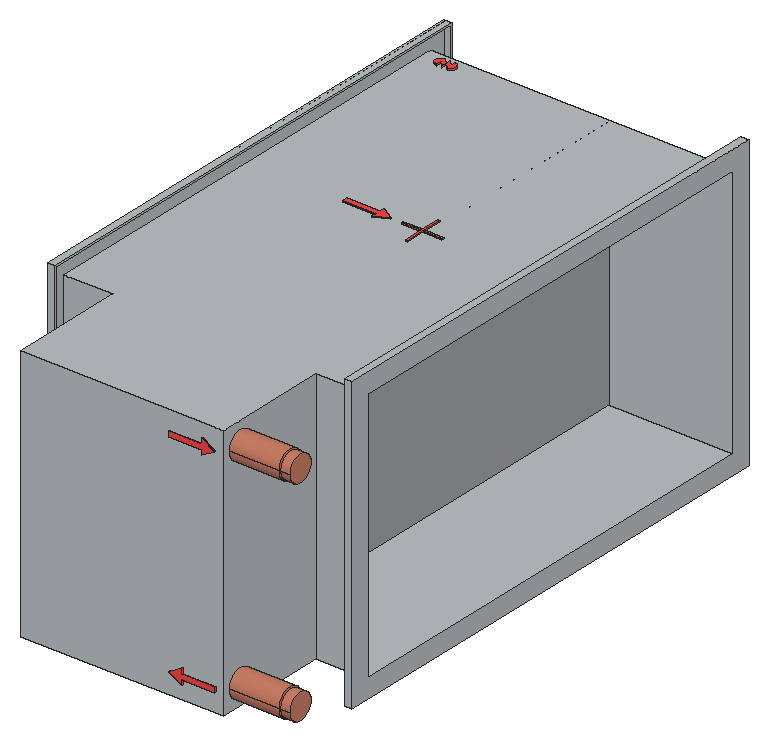
Revit family "NLRS_57_DUA_UN_rectangular-heater-ahxkkx15-22_LT_sacs", category Duct Accessories, Revit 2023
Family settings
  Round Connector Dimension = Use Diameter
  Part Type = Breaks Into
  OmniClass Number = 23.75.10.11.17
  OmniClass Title = Warm Air Heat Generators
  Work Plane-Based = No
  Always vertical = Yes
  Cut with Voids When Loaded = No
  Shared = No
Parameters (values of type "AHxKKx15-22")
  Water connection Right [instance] = yes
  Type IFC Predefined Type = "Heater"
  SACS_Warning_Text_Size [instance] = if(SACS_Warning_Size, "Invalid duct size. Nearest (larger) size selected", " ")  # " "
  SACS_Warning_Text_Other [instance] = if(SACS_Warning_Other, "Selected configuration not allowed", if([Heater circuits (1-26)] < 8, "Use family AHxKKx1-7", if([Heater circuits (1-26)] < 15, "Use family AHxKKx8-14", if([Heater circuits (1-26)] > 22, "Use family AHxKKx23-26", " "))))  # " "
  SACS_Warning_Size [instance] = or(not(NLRS_M_c01_breedte = SACS_Duct_Width), not(NLRS_M_c01_hoogte = SACS_Duct_Height))  # no
  SACS_Warning_Sign [instance] = and(not(SACS_Disable_Warning), or(SACS_Warning_Size, SACS_Warning_Other))  # no
  SACS_Warning_Other [instance] = or([Heater rows (2-10)] < 2, [Heater rows (2-10)] > 10, [Heater circuits (1-26)] < 1, [Heater circuits (1-26)] > 26)  # no
  SACS_Use_Manual_Airflow [instance] = no
  SACS_Plenum_L [instance] = if([Heater rows (2-10)] < 7, 300.00 mm, 400.00 mm)  # 300.00 mm
  SACS_Model [instance] = size_lookup(SACS_Data_Hidden, "Model", "NB", SACS_Duct_Width, SACS_Duct_Height, SACS_Index1, SACS_Index2, SACS_Index3)  # "AH2KKR-25-15 450x250"
  SACS_Manual_Airflow [instance] = 0.0 m³/h
  SACS_Index3 [instance] = if(Water connection Right, 0.00 mm, 1.00 mm)  # 0.00 mm
  SACS_Index2 [instance] = if([Heater circuits (1-26)] < 1, 1, if([Heater circuits (1-26)] > 26, 26, [Heater circuits (1-26)])) * 1.00 mm  # 15.00 mm
  SACS_Index1 [instance] = if([Heater rows (2-10)] < 2, 2, if([Heater rows (2-10)] > 10, 10, [Heater rows (2-10)])) * 1.00 mm  # 2.00 mm
  SACS_Disable_Warning [instance] = no
  SACS_Data_Hidden [instance] = if(Water connection Right, "AH-KKR-25_15-22", "AH-KKL-25_15-22")  # "AH-KKR-25_15-22"
  URL = "https://solid-air.nl/producten/solid-air-naverwarmer-ah-k/"
  Type Comments = "Check flow directions!"  # constant formula
  SACS_Y_Offset3 [instance] = if(Water connection Right, -1.00 mm, SACS_Length_Y - 1.00 mm)  # -1.00 mm
  SACS_Y_Offset2 [instance] = if(Water connection Right, SACS_Duct_Width + SACS_Length_Y - 20.00 mm, 20.00 mm)  # 545.00 mm
  SACS_Y_Offset [instance] = if(Water connection Right, 0.00 mm, SACS_Length_Y)  # 0.00 mm
  SACS_Type_Mark [instance] = ""
  SACS_Right_Box [instance] = if(Water connection Right, SACS_Duct_Width + SACS_Length_Y, SACS_Y_Offset - 1.00 mm)  # 565.00 mm
  SACS_Offset_RL [instance] = if(Water connection Right, 20.00 mm, SACS_Duct_Width + SACS_Length_Y - 19.00 mm)  # 20.00 mm
  SACS_Length_Y [instance] = 90.00 mm + NLRS_P_c01_diameter  # 115.00 mm
  SACS_Left_Box [instance] = if(Water connection Right, SACS_Duct_Width + 1.00 mm, 0.00 mm)  # 451.00 mm
  SACS_Index_Side [instance] = if(Water connection Right, 0, 1)  # 0
  SACS_Flange_Height [instance] = if(or(SACS_Duct_Height > 650.00 mm, SACS_Duct_Width > 650.00 mm), 29.00 mm, 19.00 mm)  # 19.00 mm
  SACS_Duct_Width [instance] = if(roundup(NLRS_M_c01_breedte / 50.00 mm) * 50 < 200, 200.00 mm, if(roundup(NLRS_M_c01_breedte / 50.00 mm * 50) > 2000, 2000.00 mm, roundup(NLRS_M_c01_breedte / 50.00 mm) * 50.00 mm))  # 450.00 mm
  SACS_Duct_Height [instance] = if(roundup(NLRS_M_c01_hoogte / 50.00 mm) * 50 < 200, 200.00 mm, if(roundup(NLRS_M_c01_hoogte / 50.00 mm * 50) > 1600, 1600.00 mm, roundup(NLRS_M_c01_hoogte / 50.00 mm) * 50.00 mm))  # 250.00 mm
  SACS_Diameter2 [instance] = NLRS_P_c01_diameter + 2.00 mm  # 27.00 mm
  SACS_Battery_Length [instance] = SACS_Index1 * 28  # 56.00 mm
  SACS_Air_Flow [instance] = 0.0 m³/h
  SA-Select [instance] = "https://saselect.solid-air.nl/duct-heater"
  NLRS_P_c01_drukverlies_statisch [instance] = 0.0 Pa
  NLRS_P_c01_diameter [instance] = if([Heater circuits (1-26)] < 8, 15.00 mm, if([Heater circuits (1-26)] < 15, 20.00 mm, if([Heater circuits (1-26)] < 23, 25.00 mm, 32.00 mm)))  # 25.00 mm
  NLRS_M_c01_hoogte [instance] = 250.00 mm
  NLRS_M_c01_drukverlies_statisch [instance] = 0.0 Pa
  NLRS_M_c01_breedte [instance] = 450.00 mm
  NLRS_C_model [instance] = SACS_Model  # "AH2KKR-25-15 450x250"
  NLRS_C_description = Description  # "Heater battery AH_KK - Rectangular connector - Solid Air"
  NLRS_C_content_versie = "4.23.02"  # constant formula
  NLRS_C_content_provider = "Solid Air Climate Solutions"  # constant formula
  NLRS_C_content_datum_uitgifte = "01-04-2026"  # constant formula
  NLRS_C_content_creator = "J. Feeke"  # constant formula
  NLRS_C_artikel_code [instance] = size_lookup(SACS_Data_Hidden, "Artikelcode", "NB", SACS_Duct_Width, SACS_Duct_Height, SACS_Index1, SACS_Index2, SACS_Index3)  # "NB"
  NLRS_P_c01_volumestroom [instance] = 0.0 L/s
  NLRS_M_c01_debiet [instance] = abs(if(SACS_Use_Manual_Airflow, SACS_Manual_Airflow, SACS_Air_Flow))  # 0.0 m³/h
  Model = "AH_KK"  # constant formula
  Manufacturer = "Solid Air Climate Solutions"  # constant formula
  LoadBearing [instance] = 1 = 0  # no
  Keynote = ""
  IsExternal [instance] = 1 = 0  # no
  IfcExportType = "Heater"  # constant formula
  IfcExportAs = "IfcHeatExchanger"  # constant formula
  IfcDescription = Description  # "Heater battery AH_KK - Rectangular connector - Solid Air"
  Heater rows (2-10) [instance] = 2
  Heater circuits (1-26) [instance] = 15
  FireRating [instance] = "00"  # constant formula
  Export Type to IFC As = "IfcHeatExchanger"
  Description = "Heater battery AH_KK - Rectangular connector - Solid Air"  # constant formula
  Default Elevation = 0.00 mm
  Cost = 0
  Assembly Code = "57.00"
Reference planes
  plane 1 "Center (Front/Back)": y = 0
  plane 2: z = 0
  plane 3 "Center (Left/Right)": x = 0
  plane 4 "top": z = 125
  plane 5 "bottom": z = -125
  plane 6 "left": x = -150
  plane 7 "right": x = 150
  plane 8 "back": y = 225
  plane 9 "Front": y = -225
  plane 10 "box": y = -340
  plane 11: y = -226
  plane 12: y = 225
Forms (mm)
  Sweep 1, solid, material "NLRS_57_sendzimir verzinkt_gen_sacs", detail levels medium+fine
    path in 3D
      loop
        line (0, -225, -125) -> (0, 225, -125) -> (0, 225, 125) -> (0, -225, 125) -> (0, -225, -125)
    profile "casing : casing" origin (0, -225, 0) x (0, 1, 0) y (1, 0, 0)
      loop
        line (0, -150) -> (0, 150) -> (-19, 150) -> (-19, 142.5) -> (-18, 142.5) -> (-18, 149) -> (-1, 149) -> (-1, -149) -> (-18, -149) -> (-18, -142.5) -> (-19, -142.5) -> (-19, -150) -> (0, -150)
  Extrusion 2, solid, material "NLRS_57_sendzimir verzinkt_gen_sacs", detail levels medium+fine
    sketch origin (0, 0, 0) x (1, 0, 0) y (0, 1, 0)
      loop
        line (-100, -226) -> (-100, -340) -> (100, -340) -> (100, -226) -> (-100, -226)
    from -126 to 126
  Extrusion 3, solid, material "Koper", detail levels medium+fine
    sketch origin (150, 0, 0) x (0, 1, 0) y (0, 0, 1)
      loop
        circle (-320, 105) r 13.5
      loop
        circle (-320, -105) r 13.5
    from -50 to 0
  Extrusion 4, solid, material "Koper", detail levels medium+fine
    sketch origin (150, 0, 0) x (0, 1, 0) y (0, 0, 1)
      loop
        circle (-320, 105) r 12.5
      loop
        circle (-320, -105) r 12.5
    from 0 to 10
  Extrusion 5, solid, material "NLRS_57_anodised aluminium_gen_sacs", detail levels medium+fine
    sketch origin (0, 0, 0) x (1, 0, 0) y (0, 1, 0)
      loop
        line (-28, 225) -> (-28, -225) -> (28, -225) -> (28, 225) -> (-28, 225)
    from -125 to 125
  Extrusion 6, solid, material "SACS_Label", detail levels medium+fine
    sketch origin (0, 0, 125) x (-1, 0, 0) y (0, -1, 0)
      loop
        line (-23.44, -20) -> (-23.44, -1) -> (-4.439, -1) -> (-4.439, 1) -> (-23.527, 1) -> (-23.527, 20) -> (-25.44, 20) -> (-25.44, 1) -> (-44.439, 1) -> (-44.439, -1) -> (-25.44, -1) -> (-25.44, -20) -> (-23.44, -20)
    from 1 to 2
Cuts and joins
  joined: Sweep 1, Extrusion 2
Lines and regions (mm)
  model lines, not visible
    curve 1: line (0, 225, 125) -> (0, -225, 125)
    curve 2: line (0, 225, -125) -> (0, 225, 125)
    curve 3: line (0, -225, -125) -> (0, 225, -125)
    curve 4: line (0, -225, 125) -> (0, -225, -125)
  sketch lines
    curve 5: line (0, -225, 125) -> (0, -225, -125)
    curve 6: line (0, 225, 125) -> (0, -225, 125)
    curve 7: line (0, 225, -125) -> (0, 225, 125)
    curve 8: line (0, -225, -125) -> (0, 225, -125)
Dimensions and locks
  equal spacing: plane 4 "top", level, plane 5 "bottom"
  "SACS_Duct_Height": plane 4 "top" to plane 5 "bottom"
  equal spacing: plane 6 "left", plane 3 "Center (Left/Right)", plane 7 "right"
  equal spacing: plane 8 "back", plane 1 "Center (Front/Back)", plane 9 "Front"
  "SACS_Duct_Width": plane 8 "back" to plane 9 "Front"
  "SACS_Plenum_L": plane 6 "left" to plane 7 "right"
  "SACS_Y_Offset": plane 12 to plane 8 "back"
  "SACS_Left_Box": plane 12 to plane 11
  "SACS_Right_Box": plane 12 to plane 10 "box"
  locked: Extrusion 2 sketch curve to plane 7 "right" at 50
  locked: plane 6 "left" to Extrusion 2 sketch curve at 50
  locked: Extrusion 2 to plane 4 "top" at 1
  locked: plane 5 "bottom" to Extrusion 2 at 1
  "SACS_Y_Offset2": Extrusion 3 sketch curve to plane 12
  locked: plane 4 "top" to Extrusion 3 sketch curve at 20
  locked: Extrusion 3 sketch curve to plane 5 "bottom" at 20
  "SACS_Y_Offset2": plane 12 to Extrusion 3 sketch curve
  locked: Extrusion 3 to plane 7 "right" at 50
  locked: Extrusion 4 sketch curve to plane 5 "bottom" at 20
  locked: plane 4 "top" to Extrusion 4 sketch curve at 20
  "SACS_Y_Offset2": plane 12 to Extrusion 4 sketch curve  (x2)
  locked: plane 7 "right" to Extrusion 4 at 10
  equal spacing: Extrusion 5 sketch curve, plane 3 "Center (Left/Right)", Extrusion 5 sketch curve
  "SACS_Battery_Length": Extrusion 5 sketch curve to Extrusion 5 sketch curve
  locked: plane 7 "right" to nested 1 at 80
  plane 7 "right" to nested 2 = 80.00 mm
  locked: nested 3 to plane 3 "Center (Left/Right)" at 30
  Extrusion 6 sketch curve to plane 1 "Center (Front/Back)" to Extrusion 6 sketch curve = 1.00 mm locked, 1.00 mm locked
  Extrusion 6 sketch curve to plane 1 "Center (Front/Back)" to Extrusion 6 sketch curve = 20.00 mm locked, 20.00 mm locked
  locked: plane 6 "left" to nested 4 at 25
  locked: plane 8 "back" to nested 4 at 10
  locked: nested 1 to plane 5 "bottom" at 20
  locked: plane 4 "top" to nested 2 at 20
  "SACS_Diameter2": diameter of Extrusion 3 sketch curve  (x2)
  "NLRS_P_c01_diameter": diameter of Extrusion 4 sketch curve  (x2)
  aligned and locked: level to plane 2
  aligned and locked: curve 1 to plane 4 "top"
  aligned and locked: plane 9 "Front" to curve 4
  aligned and locked: plane 5 "bottom" to curve 3
  aligned and locked: curve 2 to plane 8 "back"
  aligned and locked: Extrusion 2 sketch curve to plane 11
  aligned and locked: plane 10 "box" to Extrusion 2 sketch curve
  aligned and locked: Extrusion 3 to plane 7 "right"
  aligned and locked: plane 8 "back" to Extrusion 5
  aligned and locked: Extrusion 5 to plane 9 "Front"
  aligned and locked: Extrusion 5 to plane 5 "bottom"
  aligned and locked: plane 4 "top" to Extrusion 5
  aligned and locked: plane 1 "Center (Front/Back)" to nested 3
  aligned and locked: plane 3 "Center (Left/Right)" to nested 5
Automatic sketch dimensions
  plane 3 "Center (Left/Right)" to Extrusion 6 sketch curve = 44.439 mm
  Extrusion 6 sketch curve to Extrusion 6 sketch curve = 18.999 mm
  Extrusion 6 sketch curve to Extrusion 6 sketch curve = 0.00 mm
  Extrusion 6 sketch curve to Extrusion 6 sketch curve = 1.913 mm
  Extrusion 6 sketch curve to plane 1 "Center (Front/Back)" = 1.00 mm
  Extrusion 6 sketch curve to Extrusion 6 sketch curve = 2.00 mm
  plane 3 "Center (Left/Right)" to Extrusion 6 sketch curve = 4.439 mm
  plane 1 "Center (Front/Back)" to Extrusion 6 sketch curve = 1.00 mm
  Extrusion 5 sketch curve to plane 9 "Front" = 0.00 mm
  Extrusion 5 sketch curve to plane 8 "back" = 0.00 mm
Nested families
  nested 1: "arrow" at (70, -341, -105) x (-1, 0, 0) z (0, 1, 0), built-in parameter 1001364 <- "SACS_Y_Offset3", type "arrow", detail levels medium+fine
  nested 2: "arrow" at (70, -341, 105) x (1, 0, 0) z (0, 1, 0), built-in parameter 1001364 <- "SACS_Y_Offset3", type "arrow", detail levels medium+fine
  nested 3: "arrow" at (-30, 0, 126), type "arrow", detail levels medium+fine
  nested 4: "logo_single" at (-125, 215, 125), type "logo_single", detail levels medium+fine
  nested 5: "NV-Symbol" at (0, 0, 125), type "FD-Symbol_Top", detail levels coarse
  nested 6: "Warning" at (0, 0, 125), visible <- "SACS_Warning_Size", type "Warning", detail levels medium+fine
  nested 7: "NV-Symbol" at (0, 0, 0) x (1, 0, 0) z (0, 1, 0), type "FD-Symbol_Side", detail levels coarse
Connectors
  hvac at (-150, 0, 0), driven by "NLRS_M_c01_hoogte", driven by "NLRS_M_c01_breedte", driven by "NLRS_M_c01_debiet", driven by "NLRS_M_c01_drukverlies_statisch"
    settings: on cut or joined group of Sweep 1, Extrusion 2, index 1, duct flow 0.0 m³/h, flow factor 0, pres drop 0.0 Pa, loss coef 0, conn angle 0.00°, conn width 450 mm, conn height 250 mm, conn diameter 609.6 mm, duct sys type 29, conn prof type 1, flow config 1, flow direction 1, loss method 4, conn ref index -1, conn util no, is conn primary yes, conn desc ""
  hvac at (150, 0, 0), driven by "NLRS_M_c01_hoogte", driven by "NLRS_M_c01_breedte", driven by "SACS_Air_Flow"
    settings: on cut or joined group of Sweep 1, Extrusion 2, index 2, duct flow 0.0 m³/h, flow factor 0, pres drop 0.0 Pa, loss coef 0, conn angle 0.00°, conn width 450 mm, conn height 250 mm, conn diameter 609.6 mm, duct sys type 29, conn prof type 1, flow config 0, flow direction 2, loss method 0, conn ref index -1, conn util no, is conn primary no, conn desc ""
  piping at (150, -320, -105), diameter 25, driven by "NLRS_P_c01_diameter", driven by "NLRS_P_c01_volumestroom", driven by "NLRS_P_c01_drukverlies_statisch"
    settings: on Extrusion 4, index 3, connector inside diameter 24", connector length 0.00 mm, flow factor 0, pipe flow 0.0 L/s, pressure drop 0.0 Pa, fitting loss kfactor 0, connector angle 0.00°, fixture units 0, engagement length 0.00 mm, angle of deflection 0.00°, flow configuration 1, flow direction 1, fitting loss method 4, system type 7, joint type 0, gender type 0, connector reference index -1, connector utility 0, adjustable connector no, is connector primary yes, connector description ""
  piping at (150, -320, 105), diameter 25, driven by "NLRS_P_c01_diameter", driven by "NLRS_P_c01_volumestroom", driven by "NLRS_P_c01_drukverlies_statisch"
    settings: on Extrusion 4, index 4, connector inside diameter 24", connector length 0.00 mm, flow factor 0, pipe flow 0.0 L/s, pressure drop 0.0 Pa, fitting loss kfactor 0, connector angle 0.00°, fixture units 0, engagement length 0.00 mm, angle of deflection 0.00°, flow configuration 1, flow direction 2, fitting loss method 4, system type 8, joint type 0, gender type 0, connector reference index -1, connector utility 0, adjustable connector no, is connector primary no, connector description ""
Definition of nested family "arrow"
  Parameters (values of type "arrow")
    Default Elevation = 1219.20 mm
  Reference planes
    plane 1 "Center (Front/Back)": y = 0
    plane 2: z = 0
    plane 3 "Center (Left/Right)": x = 0
  Forms (mm)
    Extrusion 1, solid
      sketch origin (0, 48.354, 0) x (-1, 0, 0) y (0, -1, 0)
        loop
          line (22.513, 50.854) -> (-10.002, 50.854) -> (-10.002, 55.854) -> (-22.513, 48.354) -> (-10.002, 40.854) -> (-10.002, 45.854) -> (22.513, 45.854) -> (22.513, 50.854)
      from 0 to 1
  Dimensions and locks
    aligned and locked: level to plane 2
Definition of nested family "logo_single"
  Parameters (values of type "logo_single")
    t = 5.00 mm
    Model = "LOD 400"
    Description = "Model type"
    Default Elevation = 1219.20 mm
  Reference planes
    plane 1 "Center (Front/Back)": y = 0
    plane 2: z = 0
    plane 3 "Center (Left/Right)": x = 0
    plane 4: z = 2
    plane 5: x = -10
    plane 6: y = -5
    plane 7: y = 5
    plane 8: x = -5
    plane 9: x = 5
    plane 10: x = 10
  Forms (mm)
    Extrusion 1, solid
      sketch origin (-547.644, -297.937, 0) x (1, 0, 0) y (0, 1, 0)
        loop
          arc (542.644, 302.937) -> (537.644, 297.937) -> (542.644, 292.937) r 5
          line (542.644, 292.937) -> (542.644, 297.937) -> (547.644, 292.937) -> (547.644, 297.937) -> (542.644, 302.937)
      from 0 to 2
    Extrusion 2, solid
      sketch origin (0, 0, 0) x (1, 0, 0) y (0, 1, 0)
        loop
          arc (5, -5) -> (10, 0) -> (5, 5) r 5
          line (5, 5) -> (5, 0) -> (0, 5) -> (0, 0) -> (5, -5)
      from 0 to 2
  Dimensions and locks
    "t": plane 7 to plane 1 "Center (Front/Back)"
    "t": plane 6 to plane 1 "Center (Front/Back)"
    "t": plane 5 to plane 8
    "t": plane 8 to plane 3 "Center (Left/Right)"
    "t": plane 3 "Center (Left/Right)" to plane 9
    "t": plane 9 to plane 10
    aligned and locked: level to plane 2
    aligned and locked: plane 4 to Extrusion 1
  Automatic sketch dimensions
    plane 1 "Center (Front/Back)" to Extrusion 1 sketch curve = 0.00 mm  (x3)
    Extrusion 1 sketch curve to plane 8 = 0.00 mm
    Extrusion 1 sketch curve to plane 7 = 0.00 mm
    Extrusion 1 sketch curve to plane 3 "Center (Left/Right)" = 0.00 mm
    Extrusion 1 sketch curve to plane 6 = 0.00 mm
    Extrusion 2 sketch curve to plane 3 "Center (Left/Right)" = 0.00 mm
    plane 1 "Center (Front/Back)" to Extrusion 2 sketch curve = 0.00 mm  (x3)
    Extrusion 2 sketch curve to plane 6 = 0.00 mm
    Extrusion 2 sketch curve to plane 9 = 0.00 mm
    Extrusion 2 sketch curve to plane 7 = 0.00 mm
Definition of nested family "NV-Symbol"
  Parameters (values of type "FD-Symbol_Side")
    Width = 250.00 mm
    Length = 300.00 mm
    Half_Width = Width / 2  # 125.00 mm
  Types (2, lengths in mm): name | Width | Half_Width
    FD-Symbol_Side | 250.00 | 125.00
    FD-Symbol_Top | 450.00 | 225.00
  Reference planes
    plane 1 "Center (Front/Back)": y = 0
    plane 2: z = 0
    plane 3 "Center (Left/Right)": x = 0
    plane 4: x = -150
    plane 5: x = 150
    plane 6: y = -125
    plane 7: y = 125
    plane 8: x = 100
    plane 9: x = -125
    plane 10: y = 100
    plane 11: x = -417.698
    plane 12: y = 67.059
  Lines and regions (mm)
    detail lines, in view "Ref. Level"
      curve 1: line (-150, 125, 0) -> (150, 125, 0)
      curve 2: line (-150, -125, 0) -> (-150, 125, 0)
      curve 3: line (150, -125, 0) -> (-150, -125, 0)
      curve 4: line (150, 125, 0) -> (150, -125, 0)
      curve 5: line (-150, -125, 0) -> (150, 125, 0)
      curve 6: line (75, 0, 0) -> (125, 0, 0)
      curve 7: line (100, 25, 0) -> (100, -25, 0)
      curve 8: line (-141.355, 112.5, 0) -> (-141.355, 87.5, 0)
      curve 9: line (-141.355, 112.5, 0) -> (-128.855, 87.5, 0)
      curve 10: line (-128.855, 87.5, 0) -> (-128.855, 112.5, 0)
      curve 11: line (-121.145, 112.5, 0) -> (-114.447, 87.5, 0)
      curve 12: line (-114.447, 87.5, 0) -> (-105.347, 112.5, 0)
      curve 18: line (75, 0, 0) -> (125, 0, 0)
    detail lines, in view "Ref. Level", not visible
      curve 13: line (-434.053, 79.559, 0) -> (-434.053, 54.559, 0)
      curve 14: line (-434.053, 79.559, 0) -> (-421.553, 54.559, 0)
      curve 15: line (-421.553, 54.559, 0) -> (-421.553, 79.559, 0)
      curve 16: line (-413.844, 79.559, 0) -> (-407.145, 54.559, 0)
      curve 17: line (-407.145, 54.559, 0) -> (-398.046, 79.559, 0)
  Dimensions and locks
    "Half_Width": plane 1 "Center (Front/Back)" to plane 6
    "Half_Width": plane 7 to plane 1 "Center (Front/Back)"
    "Length": plane 4 to plane 5
    equal spacing: plane 4, plane 3 "Center (Left/Right)", plane 5
    locked: plane 8 to plane 5 at 50
    plane 4 to plane 9 = 25.00 mm
    locked: plane 7 to plane 10 at 25
    curve 18 to plane 8 to curve 18 = 25.00 mm locked, 25.00 mm locked
    curve 7 to plane 1 "Center (Front/Back)" to curve 7 = 25.00 mm locked, 25.00 mm locked
    aligned and locked: plane 4 to curve 2
    aligned and locked: curve 1 to plane 7
    aligned and locked: curve 4 to plane 5
    aligned and locked: plane 6 to curve 3
    aligned and locked: plane 1 "Center (Front/Back)" to curve 6
  Automatic sketch dimensions
    curve 5 to plane 4 = 0.00 mm
    plane 1 "Center (Front/Back)" to curve 18 = 0.00 mm
    curve 7 to plane 8 = 0.00 mm
    curve 18 to curve 6 = 0.00 mm  (x2)
Definition of nested family "Warning"
  Parameters (values of type "Warning")
    straal = 1000.00 mm
  Reference planes
    plane 1 "Center (Front/Back)": y = 0
    plane 2: z = 0
    plane 3 "Center (Left/Right)": x = 0
  Lines and regions (mm)
    Filled region 1, type "Solid Fill - Black", in view "Ref. Level"
      outline origin (0, 0, 0) x (1, 0, 0) y (0, 1, 0)
        loop
          line (-25.8, 75) -> (-20, -12.003) -> (20, -12.003) -> (25.8, 75) -> (-25.8, 75)
        loop
          circle (0, -50) r 25
